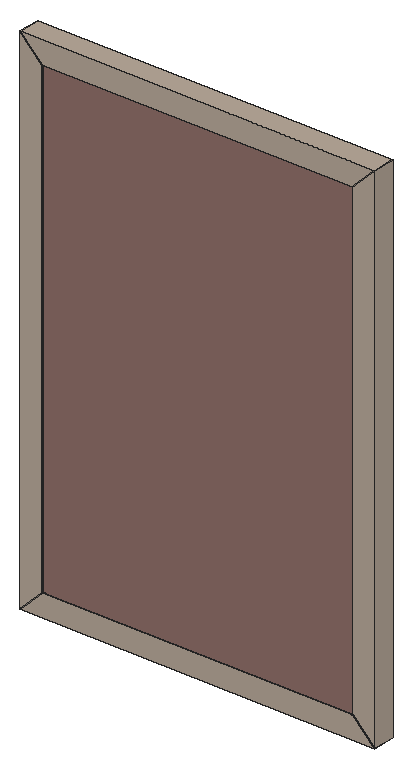
Revit family "Palmshield-Faux-Brick-Panel", category Specialty Equipment, Revit 2025
Family settings
  Round Connector Dimension = Use Diameter
  Part Type = Normal
  OmniClass Number = 23.55.00.00
  OmniClass Title = Manufactured Structures
  Work Plane-Based = No
  Enable Cutting in Views = No
  Always vertical = No
  Cut with Voids When Loaded = No
  Maintain Annotation Orientation = No
  Shared = No
  Room Calculation Point = No
Parameters (values of type "Assembly")
  Width [instance] = if(Desired Overall Width < C Min Width, C Min Width, if(Desired Overall Width > C Max Width, C Max Width, Desired Overall Width))  # 4' - 0"
  Warranty URL = "https://palmshieldlouvers.com/wp-content/uploads/2020/01/PalmSHIELD-Warranty-NO-SIGN-LINE.pdf"
  Version = "2020 - v1.0a"  # constant formula
  URL = "https://palmshieldlouvers.com/"
  Product Page URL = "https://palmshieldlouvers.com/products/brick-infill/"
  Product Documentation Link = "Contact Manufacturer for More Information"
  Offset From Surface = 0' - 2"  # constant formula
  Model = "Faux Brick"  # constant formula
  Frame Finish = Metal - PalmSHIELD - Dusty Grey
  Manufacturer Phone Number = "531-329-4406 "  # constant formula
  Manufacturer Email = "mailto: info@palmshieldlouvers.com"
  Manufacturer Address = "12330 Cary Circle, La Vista, NE 68128"  # constant formula
  Manufacturer = "PalmSHIELD"  # constant formula
  Panel Finish = Metal - PalmSHIELD - Grey Beige
  Keynote = "05 10 00"
  Instruction Sheet Link = "https://palmshieldlouvers.com/wp-content/uploads/2020/01/PalmSHIELD-Post-Panel-Gate-Installation-Instructions-REV-1.pdf"
  ID [instance] = "Not Assigned"
  Height [instance] = if(Desired Overall Height < C Min Height, C Min Height, if(Desired Overall Height > C Max Height, C Max Height, Desired Overall Height))  # 6' - 0"
  Desired Overall Width [instance] = 4' - 0"
  Desired Overall Height [instance] = 6' - 0"
  Desired Bottom Angle [instance] = 0.00°
  Description = "Faux Brick - Panel Assembly"  # constant formula
  Default Elevation = 0' - 0"
  Copyright = "Copyright ©2024 The American Fence Company and PalmSHIELD. All Rights Reserved."  # constant formula
  Component Vis [instance] = yes
  Component Name [instance] = "Faux Brick - Panel Assembly"  # constant formula
  C Min Width [instance] = 4' - 0"  # constant formula
  C Min Height [instance] = C Min Width  # 4' - 0"
  C Max Width [instance] = 5' - 0"  # constant formula
  C Max Height [instance] = 12' - 0"  # constant formula
  C Angle [instance] = if(Desired Bottom Angle > 10.00°, 10.00°, if(Desired Bottom Angle < -10.00°, -10.00°, Desired Bottom Angle))  # 0.00°
  Assembly Code = "F1020100"
Reference planes (in)
  plane 1 "Center (Front/Back)": y = 0
  plane 2: z = 0
  plane 3 "Center (Left/Right)": x = 0
  plane 4: z = 72
  plane 5: x = 48
  plane 6: y = 3
  plane 7: y = 1.5
Lines and regions (in)
  reference lines
    curve 1: line (48, 0, 96.95698) -> (48, 0, -11)
    curve 2: line (-20.8931, 0, 72) -> (71.1069, 0, 72)
Dimensions and locks (in)
  "Desired Overall Height": curve 2 to level
  "Desired Overall Width": curve 1 to plane 3 "Center (Left/Right)"
  "Height": plane 4 to level
  "Width": plane 5 to plane 3 "Center (Left/Right)"
  equal spacing: plane 1 "Center (Front/Back)", plane 7, plane 6
  aligned and locked: plane 2 to level
Automatic sketch dimensions
  curve 2 to plane 3 "Center (Left/Right)" = 1' - 8.8931"
  plane 5 to curve 2 = 1' - 11.1069"
  curve 1 to level = 0' - 11"
  plane 4 to curve 1 = 2' - 0.95698"
Nested families (in)
  nested 1: "Screening-Louver-Assembly-Panel-Palmshield-Faux_Brick" at (0, 0, 0), Desired Overall Height <- "Desired Overall Height", Desired Overall Width <- "Desired Overall Width", ID <- "ID", Height <- "Height", Width <- "Width", Component Vis <- "Component Vis", type "Assembly"
    with Width 4' - 0", Louver Length 3' - 8", ID "Not Assigned", Height 6' - 0", Desired Overall Width 4' - 0", Desired Overall Height 6' - 0", Desired Bottom Angle 0.00°, Component Vis yes, Component Name "Faux Brick - Panel Assembly", C Top Post Length 4' - 0", C Straight Corner Angle 45.00°, C Slope Angle 0.00°, C Side Frame Width 0' - 3", C Side Adjustment 0' - 0", C Rib Thickness Bottom Offset 0' - 0 1/4", C Rib Bottom Side Offset 0' - 0", C Louver Offset 0' - 3", C Louver Count 28, C Hip 4' - 0", C Frame Offset 0' - 2", C Corner Offset 0' - 3", C B-Side Post Length 6' - 0", C B-Side Angle 45.00°, C Angle 90.00°, C A-Side Post Length 6' - 0", C A-Side Angle 45.00°
  nested 2: "Nested_Component-L_Frame-Palmshield-Faux_Brick" at (0, 0, 72) x (0, 1, 0) z (1, 0, 0), type "AL L3" X 3" X 1/4""
    with Material Metal - PalmSHIELD - Grey Beige, Length 5' - 10", ID "Not Assigned", Component Name "Faux Brick - Aluminum - L Frame", B-Side Cut Angle 45.00°, A-Side Cut Angle 45.00°
  nested 3: "Nested_Component-L_Frame-Palmshield-Faux_Brick" at (48, 0, 2) x (0, 1, 0) z (-1, 0, 0), type "AL L3" X 3" X 1/4""
    with Material Metal - PalmSHIELD - Grey Beige, Length 5' - 10", ID "Not Assigned", Component Name "Faux Brick - Aluminum - L Frame", B-Side Cut Angle 45.00°, A-Side Cut Angle 45.00°
  nested 4: "Nested_Component-L_Frame-Palmshield-Faux_Brick" at (48, 0, 72) x (0, 1, 0) z (0, 0, -1), type "AL L3" X 3" X 1/4""
    with Material Metal - PalmSHIELD - Grey Beige, Length 4' - 0", ID "Not Assigned", Component Name "Faux Brick - Aluminum - L Frame", B-Side Cut Angle 45.00°, A-Side Cut Angle 45.00°
  nested 5: "Nested_Component-L_Frame-Palmshield-Faux_Brick" at (0, 0, 2) x (0, 1, 0) z (0, 0, 1), type "AL L3" X 3" X 1/4""
    with Material Metal - PalmSHIELD - Grey Beige, Length 4' - 0", ID "Not Assigned", Component Name "Faux Brick - Aluminum - L Frame", B-Side Cut Angle 45.00°, A-Side Cut Angle 45.00°
  nested 6: "Nested_Component-Aluminum_Sheet-Palmshield-Faux_Brick" at (0.25, 1.125, 2.25), type "1/4" ALUMINUM SHEET"
    with Width 3' - 11 1/2", Surface Finish Metal Finish - Palmshield - Faux Brick - Antique Select - Dark Red with Dark Grout, Material Metal - PalmSHIELD - Grey Beige, ID "", Height 5' - 9 1/2", Component Name "Faux Brick - Aluminum Sheet", C Overall Panel Width 4' - 0", C Overall Panel Height 6' - 0", C Frame Thickness 0' - 0 1/4", C Angle 90.00°
Definition of nested family "Nested_Component-L_Frame-Palmshield-Faux_Brick"
  Parameters (values of type "AL L3" X 3" X 1/4"")
    Width = 0' - 3"  # constant formula
    Warranty URL = "https://palmshieldlouvers.com/wp-content/uploads/2020/01/PalmSHIELD-Warranty-NO-SIGN-LINE.pdf"
    Version = "2020 - v1.0a"  # constant formula
    URL = "https://palmshieldlouvers.com/"
    Thickness = 0' - 0 1/4"  # constant formula
    Product Page URL = "https://palmshieldlouvers.com/products/brick-infill/"
    Product Documentation Link = "Contact Manufacturer for More Information"
    Model = "Faux Brick"  # constant formula
    Material [instance] = none
    Manufacturer Phone Number = "531-329-4406 "  # constant formula
    Manufacturer Fax Number = "Consult Manufacturer Website for More Information"  # constant formula
    Manufacturer Email = "mailto: info@palmshieldlouvers.com"
    Manufacturer Address = "12330 Cary Circle, La Vista, NE 68128"  # constant formula
    Manufacturer = "PalmSHIELD"  # constant formula
    Length [instance] = 4' - 4.86713"
    Keynote = "05 10 00"
    Instruction Sheet Link = "http://palmshieldlouvers.com/wp-content/uploads/2020/01/PalmSHIELD-Post-Panel-Gate-Installation-Instructions-REV-1.pdf"
    ID [instance] = ""
    Description = "Faux Brick - L Frame"  # constant formula
    Default Elevation = 4' - 0"
    Copyright = "Copyright ©2024 The American Fence Company and PalmSHIELD. All Rights Reserved."  # constant formula
    Component Name [instance] = "Faux Brick - Aluminum - L Frame"  # constant formula
    C Hole Offset = 0' - 1 1/2"  # constant formula
    B-Side Cut Angle [instance] = 45.00°
    Assembly Code = "F1020100"
    A-Side Cut Angle [instance] = 45.00°
  Reference planes (in)
    plane 1 "Center (Front/Back)": y = 0
    plane 2: z = 0
    plane 3 "Center (Left/Right)": x = 0
    plane 4: x = 3
    plane 5: y = -52.86713
    plane 6: z = 3
  Forms (in)
    Extrusion 1, solid
      sketch origin (0, 0, 0) x (1, 0, 0) y (0, 1, 0)
        loop
          line (-48, 48) -> (-48, -48) -> (48, -48) -> (48, 48) -> (-48, 48)
      from 0 to -12
    Sweep 2, solid, material <- "Material"
      path origin (0, 0, 0) x (0, 1, 0) y (0, 0, 1)
        loop
          line (0, 0) -> (-52.86713, 0)
      profile "Profile-Palmshield-L : AL L3" X 3" X 1/4" - 6061-T6" origin (0, -26.43357, 0) x (0, 0, -1) y (1, 0, 0)
        loop
          line (-0.3125, 0.25) -> (-2.875, 0.25)
          arc (-2.875, 0.25) -> (-2.96339, 0.21339) -> (-3, 0.125) r 0.125
          line (-3, 0.125) -> (-3, 0) -> (0, 0) -> (0, 3) -> (-0.125, 3)
          arc (-0.125, 3) -> (-0.21339, 2.96339) -> (-0.25, 2.875) r 0.125
          line (-0.25, 2.875) -> (-0.25, 0.3125)
          arc (-0.25, 0.3125) -> (-0.26831, 0.26831) -> (-0.3125, 0.25) r 0.0625
    Extrusion 3, void
      sketch origin (0, 0, 0) x (0, 1, 0) y (0, 0, 1)
        loop
          line (-3, 3) -> (0, 0) -> (4.7449, 0) -> (4.7449, 3) -> (-3, 3)
        loop
          line (-57.61203, 3) -> (-57.61203, 0) -> (-52.86713, 0) -> (-49.86713, 3) -> (-57.61203, 3)
      from 0 to 3
  Cuts and joins
    Extrusion 3 cuts Sweep 2
  Dimensions and locks (in)
    "Width": plane 3 "Center (Left/Right)" to plane 4
    "Length": plane 1 "Center (Front/Back)" to plane 5
    "Width": plane 6 to plane 2
    locked: Extrusion 3 sketch curve to plane 1 "Center (Front/Back)" at 4.7449
    locked: plane 5 to Extrusion 3 sketch curve at 4.7449
    "B-Side Cut Angle": angle Extrusion 3 sketch curve to plane 1 "Center (Front/Back)"
    "A-Side Cut Angle": angle plane 5 to Extrusion 3 sketch curve
    aligned and locked: plane 2 to Extrusion 1
    aligned and locked: level to Extrusion 1
    aligned and locked: plane 1 "Center (Front/Back)" to Sweep 2 sketch curve
    aligned and locked: plane 5 to Sweep 2 sketch curve
    aligned and locked: Extrusion 3 sketch curve to plane 6
    aligned and locked: level to Extrusion 3 sketch curve
    aligned and locked: plane 6 to Extrusion 3 sketch curve
    aligned and locked: Extrusion 3 sketch curve to plane 2
    aligned and locked: plane 1 "Center (Front/Back)" to Extrusion 3 sketch curve
    aligned and locked: plane 2 to Extrusion 3 sketch curve
    aligned and locked: plane 5 to Extrusion 3 sketch curve
    aligned and locked: Extrusion 3 to plane 3 "Center (Left/Right)"
    aligned and locked: Extrusion 3 to plane 4
  Automatic sketch dimensions
    Extrusion 1 sketch curve to Extrusion 1 sketch curve = 8' - 0"  (x2)
    Sweep 2 sketch curve to level = 0' - 0"
Definition of nested family "Nested_Component-Aluminum_Sheet-Palmshield-Faux_Brick"
  Parameters (values of type "1/4" ALUMINUM SHEET")
    Width [instance] = C Overall Panel Width - 2 * C Frame Thickness  # 3' - 11 1/2"
    Warranty URL = "https://palmshieldlouvers.com/wp-content/uploads/2020/01/PalmSHIELD-Warranty-NO-SIGN-LINE.pdf"
    Version = "2020 - v1.0a"  # constant formula
    URL = "https://palmshieldlouvers.com/"
    Thickness = 0' - 0 1/4"  # constant formula
    Surface Finish [instance] = none
    Product Page URL = "https://palmshieldlouvers.com/products/brick-infill/"
    Product Documentation Link = "Contact Manufacturer for More Information"
    Model = "Faux Brick"  # constant formula
    Material [instance] = none
    Manufacturer Phone Number = "531-329-4406 "  # constant formula
    Manufacturer Fax Number = "Consult Manufacturer Website for More Information"  # constant formula
    Manufacturer Email = "mailto: info@palmshieldlouvers.com"
    Manufacturer Address = "12330 Cary Circle, La Vista, NE 68128"  # constant formula
    Manufacturer = "PalmSHIELD"  # constant formula
    Keynote = "05 10 00"
    Instruction Sheet Link = "https://palmshieldlouvers.com/wp-content/uploads/2020/01/PalmSHIELD-Post-Panel-Gate-Installation-Instructions-REV-1.pdf"
    ID [instance] = ""
    Height [instance] = C Overall Panel Height - 2 * C Frame Thickness - 0' 2"  # 5' - 9 1/2"
    Description = "Faux Brick - Aluminum Sheet"  # constant formula
    Default Elevation = 4' - 0"
    Copyright = "Copyright ©2024 The American Fence Company and PalmSHIELD. All Rights Reserved."  # constant formula
    Component Name [instance] = "Faux Brick - Aluminum Sheet"  # constant formula
    C Overall Panel Width [instance] = 4' - 0"
    C Overall Panel Height [instance] = 6' - 0"
    C Frame Thickness [instance] = 0' - 0 1/4"
    C Angle [instance] = 90.00°
    Assembly Code = "F1020100"
  Reference planes (in)
    plane 1 "Center (Front/Back)": y = 0
    plane 2: z = 0
    plane 3 "Center (Left/Right)": x = 0
    plane 4: x = 47.5
    plane 5: z = 69.5
    plane 6: y = -0.25
  Forms (in)
    Extrusion 1, solid
      sketch origin (0, 0, 0) x (1, 0, 0) y (0, 1, 0)
        loop
          line (-48, 48) -> (-48, -48) -> (48, -48) -> (48, 48) -> (-48, 48)
      from 0 to -12
    Extrusion 2, solid, material <- "Material"
      sketch origin (0, 0, 0) x (1, 0, 0) y (0, 0, 1)
        loop
          line (0, 69.5) -> (0, 0) -> (47.5, 0) -> (47.5, 69.5) -> (0, 69.5)
      from 0 to 0.25
  Lines and regions (in)
    reference lines
      curve 1: line (0, 0, 0) -> (88, 0, 0)
  Dimensions and locks (in)
    "Thickness": plane 6 to plane 1 "Center (Front/Back)"
    "Height": plane 5 to plane 2
    "Width": plane 4 to plane 3 "Center (Left/Right)"
    "C Angle": angle curve 1 to plane 3 "Center (Left/Right)"
    aligned and locked: plane 2 to Extrusion 1
    aligned and locked: level to Extrusion 1
    aligned and locked: plane 3 "Center (Left/Right)" to curve 1
    aligned and locked: plane 2 to curve 1
    aligned and locked: Extrusion 2 sketch curve to plane 5
    aligned and locked: Extrusion 2 sketch curve to plane 3 "Center (Left/Right)"
    aligned and locked: Extrusion 2 sketch curve to curve 1
    aligned and locked: Extrusion 2 sketch curve to plane 4
    aligned and locked: Extrusion 2 to plane 6
    aligned and locked: Extrusion 2 to plane 1 "Center (Front/Back)"
  Automatic sketch dimensions
    Extrusion 1 sketch curve to Extrusion 1 sketch curve = 8' - 0"  (x2)
Definition of nested family "Screening-Louver-Assembly-Panel-Palmshield-Faux_Brick"
  Parameters (values of type "Default")
    Width [instance] = if(Desired Overall Width < 4' 0", 4' 0", if(Desired Overall Width > 5' 0", 5' 0", Desired Overall Width))  # 4' - 0"
    Warranty URL = "https://palmshieldlouvers.com/wp-content/uploads/2020/01/PalmSHIELD-Warranty-NO-SIGN-LINE.pdf"
    Version = "2020 - v1.0a"  # constant formula
    URL = "https://palmshieldlouvers.com/"
    Panel Surface Finish = none
    Offset From Surface = 0' - 2"  # constant formula
    Material Note = "For More Panel Finish Options, Please Contact the Manufacturer"  # constant formula
    Material = none
    Louver Separation = 0' - 2 3/8"  # constant formula
    Product Page URL = "https://palmshieldlouvers.com/products/brick-infill/"
    Product Documentation Link = "Contact Manufacturer for More Information"
    Model = "Faux Brick"  # constant formula
    Manufacturer Phone Number = "531-329-4406 "  # constant formula
    Manufacturer Fax Number = "Consult Manufacturer Website for More Information"  # constant formula
    Manufacturer Email = "mailto: info@palmshieldlouvers.com"
    Manufacturer Address = "12330 Cary Circle, La Vista, NE 68128"  # constant formula
    Manufacturer = "PalmSHIELD"  # constant formula
    Louver Length [instance] = Width - 2 * C Side Frame Width + 0' 2"  # 3' - 8"
    Keynote = "05 10 00"
    Instruction Sheet Link = "http://palmshieldlouvers.com/wp-content/uploads/2020/01/PalmSHIELD-Post-Panel-Gate-Installation-Instructions-REV-1.pdf"
    ID [instance] = "Not Assgined"
    Height [instance] = if(Desired Overall Height < 3' 0", 3' 0", if(Desired Overall Height > 12' 0", 12' 0", Desired Overall Height))  # 6' - 0"
    Frame Width = 0' - 3"  # constant formula
    Frame Thickness = 0' - 0 1/4"  # constant formula
    Desired Overall Width [instance] = 4' - 0"
    Desired Overall Height [instance] = 6' - 0"
    Description = "Faux Brick - Panel Assembly"  # constant formula
    Default Elevation = 4' - 0"
    Copyright = "Copyright ©2024 The American Fence Company and PalmSHIELD. All Rights Reserved."  # constant formula
    Component Vis [instance] = yes
    Component Name [instance] = "Faux Brick - Panel Assembly"  # constant formula
    C Top Post Length [instance] = Width  # 4' - 0"
    C Straight Corner Angle [instance] = 45.00°  # constant formula
    C Slope Angle [instance] = if(Desired Bottom Angle < -25.00°, 25.00°, if(Desired Bottom Angle > 25.00°, 25.00°, Desired Bottom Angle))  # 0.00°
    C Side Frame Width [instance] = 0' - 3"  # constant formula
    C Rib Thickness Bottom Offset [instance] = Frame Thickness * cos(C Slope Angle)  # 0' - 0 1/4"
    C Rib Bottom Side Offset [instance] = if(C Slope Angle < 0.00°, -Frame Thickness * sin(C Slope Angle), Frame Thickness * sin(C Slope Angle))  # 0' - 0"
    C Louver Overlap = 0' - 0 5/8"  # constant formula
    C Louver Offset [instance] = if(C Side Adjustment < 0' 0", -C Side Adjustment + (Frame Width / sin([C A-Side Angle])) * cos([C A-Side Angle]), Frame Width)  # 0' - 3"
    C Louver Count [instance] = if(C Slope Angle < 0.00°, (Height - 2 * Frame Width + C Louver Overlap * 2) / Louver Separation, (Height - 2 * Frame Width + C Louver Overlap * 2 - C Hip * sin(C Slope Angle)) / Louver Separation)  # 28
    C Hip [instance] = Width / cos(C Slope Angle)  # 4' - 0"
    C Side Adjustment [instance] = -C Hip * sin(C Slope Angle)  # 0' - 0"
    C Frame Offset [instance] = C Side Frame Width - 0' 1"  # 0' - 2"
    C Corner Offset [instance] = if(C Slope Angle > 0.00°, Frame Width / sin([C A-Side Angle]) * cos([C A-Side Angle]), if(C Slope Angle < 0.00°, Frame Width / sin([C A-Side Angle]) * cos([C A-Side Angle]), 0' 3"))  # 0' - 3"
    C B-Side Post Length [instance] = Height + C Side Adjustment  # 6' - 0"
    C B-Side Angle [instance] = (90.00° - C Slope Angle) / 2  # 45.00°
    C Angle [instance] = if(C Slope Angle < -25.00°, 90.00° - 25.00°, if(C Slope Angle > 25.00°, 90.00° + 25.00°, 90.00° - C Slope Angle))  # 90.00°
    Desired Bottom Angle [instance] = 0.00°
    C A-Side Post Length [instance] = Height  # 6' - 0"
    C A-Side Angle [instance] = (90.00° + C Slope Angle) / 2  # 45.00°
    Assembly Code = "F1020100"
  Reference planes (in)
    plane 1 "Center (Front/Back)": y = 0
    plane 2: z = 0
    plane 3 "Side A": x = 0
    plane 4 "Top": z = 72
    plane 5 "Side B": x = 48
    plane 6: z = 2
    plane 7: z = 5
    plane 8: x = 0.25
    plane 9: x = 47.75
    plane 10: z = 69
    plane 11: z = 69.625
    plane 12: y = 0.25
    plane 13: z = 4.375
    plane 14: x = 16
    plane 15: x = 32
    plane 16: y = 1.125
    plane 17: z = 71.75
    plane 18: z = 2
    plane 19: z = 2.25
    plane 20: x = 0
    plane 21: x = 14
    plane 22: x = 30
    plane 23: x = 2
    plane 24: y = 3
    plane 25: y = 1.5
    plane 26: x = 24
  Forms (in)
    Extrusion 1, solid
      sketch origin (0, 0, 0) x (1, 0, 0) y (0, 1, 0)
        loop
          line (-48, 48) -> (-48, -48) -> (48, -48) -> (48, 48) -> (-48, 48)
      from 0 to -12
  Lines and regions (in)
    reference lines
      curve 1: line (0, 0, 2) -> (84, 0, 2)
      curve 2: line (0, 0, 2.25) -> (81.25, 0, 2.25)
      curve 3: line (14, 0, 2.25) -> (24.75, 0, 2.25)
      curve 4: line (30, 0, 2.25) -> (40, 0, 2.25)
      curve 5: line (-32.11796, 0, 72) -> (83.18293, 0, 72)
      curve 6: line (48, 0, 95.69519) -> (48, 0, -11.24289)
  Dimensions and locks (in)
    "Width": plane 5 "Side B" to plane 3 "Side A"
    "Offset From Surface": plane 6 to Extrusion 1
    "C Louver Offset": plane 7 to plane 6
    "Frame Thickness": plane 8 to plane 3 "Side A"
    "Frame Thickness": plane 5 "Side B" to plane 9
    "Frame Width": plane 4 "Top" to plane 10
    "C Louver Overlap": plane 11 to plane 10
    "Frame Thickness": plane 12 to plane 1 "Center (Front/Back)"
    "C Louver Overlap": plane 7 to plane 13
    equal spacing: plane 3 "Side A", plane 14, plane 15, plane 5 "Side B"
    "Frame Thickness": plane 4 "Top" to plane 17
    "C Corner Offset": plane 7 to plane 18
    "C Rib Thickness Bottom Offset": plane 19 to plane 6
    "C Rib Bottom Side Offset": plane 3 "Side A" to plane 20
    locked: plane 14 to plane 21 at 2
    locked: plane 15 to plane 22 at 2
    "Desired Overall Width": curve 6 to plane 3 "Side A"
    "C Frame Offset": plane 23 to plane 3 "Side A"
    "Frame Width": plane 1 "Center (Front/Back)" to plane 24
    equal spacing: plane 1 "Center (Front/Back)", plane 25, plane 24
    equal spacing: plane 5 "Side B", plane 26, plane 3 "Side A"
    "Height": plane 4 "Top" to level
    "Desired Overall Height": curve 5 to plane 2
    "C Angle": angle curve 1 to plane 3 "Side A"
    "C Angle": angle curve 2 to plane 20
    locked: curve 3 to plane 21 (angle 90.00°)
    locked: curve 4 to plane 22 (angle 90.00°)
    aligned and locked: plane 2 to Extrusion 1
    aligned and locked: level to Extrusion 1
    aligned and locked: plane 6 to curve 1
    aligned and locked: plane 3 "Side A" to curve 1
    aligned and locked: nested 1 to plane 1 "Center (Front/Back)"
    aligned and locked: nested 1 to plane 5 "Side B"
    aligned and locked: nested 1 to plane 3 "Side A"
    aligned and locked: nested 2 to plane 4 "Top"
    aligned and locked: nested 2 to plane 6
    aligned and locked: nested 2 to plane 1 "Center (Front/Back)"
    aligned and locked: nested 3 to plane 1 "Center (Front/Back)"
    aligned and locked: nested 4 to plane 1 "Center (Front/Back)"
    aligned and locked: plane 20 to curve 2
    aligned and locked: plane 19 to curve 2
    aligned and locked: plane 21 to curve 3
    aligned and locked: plane 22 to curve 4
    aligned and locked: plane 8 to nested 5
    aligned and locked: plane 16 to nested 5
    aligned and locked: plane 18 to nested 3
    aligned and locked: plane 4 "Top" to nested 3
  Automatic sketch dimensions
    Extrusion 1 sketch curve to Extrusion 1 sketch curve = 8' - 0"  (x2)
    curve 5 to plane 3 "Side A" = 2' - 8.11796"
    plane 5 "Side B" to curve 5 = 2' - 11.18293"
    curve 6 to level = 0' - 11.24289"
    plane 4 "Top" to curve 6 = 1' - 11.69519"
  Nested families (in)
    nested 1: "Nested_Component-L_Frame-Palmshield-Faux_Brick" at (48, 0, 72) x (0, 1, 0) z (0, 0, -1), ID <- "ID", Material <- "Material", A-Side Cut Angle <- "C Straight Corner Angle", B-Side Cut Angle <- "C Straight Corner Angle", visible <- "Component Vis", type "AL L3" X 3" X 1/4""
      with Material none, Length 4' - 0", ID "Not Assgined", Component Name "Faux Brick - Aluminum - L Frame", B-Side Cut Angle 45.00°, A-Side Cut Angle 45.00°
    nested 2: "Nested_Component-L_Frame-Palmshield-Faux_Brick" at (0, 0, 72) x (0, 1, 0) z (1, 0, 0), ID <- "ID", Material <- "Material", B-Side Cut Angle <- "C Straight Corner Angle", A-Side Cut Angle <- "C A-Side Angle", visible <- "Component Vis", type "AL L3" X 3" X 1/4""
      with Material none, Length 5' - 10", ID "Not Assgined", Component Name "Faux Brick - Aluminum - L Frame", B-Side Cut Angle 45.00°, A-Side Cut Angle 45.00°
    nested 3: "Nested_Component-L_Frame-Palmshield-Faux_Brick" at (48, 0, 2) x (0, 1, 0) z (-1, 0, 0), ID <- "ID", Material <- "Material", B-Side Cut Angle <- "C B-Side Angle", A-Side Cut Angle <- "C Straight Corner Angle", visible <- "Component Vis", type "AL L3" X 3" X 1/4""
      with Material none, Length 5' - 10", ID "Not Assgined", Component Name "Faux Brick - Aluminum - L Frame", B-Side Cut Angle 45.00°, A-Side Cut Angle 45.00°
    nested 4: "Nested_Component-L_Frame-Palmshield-Faux_Brick" at (0, 0, 2) x (0, 1, 0) z (0, 0, 1), Length <- "C Hip", ID <- "ID", Material <- "Material", A-Side Cut Angle <- "C B-Side Angle", B-Side Cut Angle <- "C A-Side Angle", visible <- "Component Vis", type "AL L3" X 3" X 1/4""
      with Material none, Length 4' - 0", ID "Not Assgined", Component Name "Faux Brick - Aluminum - L Frame", B-Side Cut Angle 45.00°, A-Side Cut Angle 45.00°
    nested 5: "Nested_Component-Aluminum_Sheet-Palmshield-Faux_Brick" at (0.25, 1.125, 2.25), Material <- "Material", Surface Finish <- "Panel Surface Finish", C Angle <- "C Angle", C Frame Thickness <- "Frame Thickness", C Overall Panel Height <- "Height", C Overall Panel Width <- "Width", visible <- "Component Vis", type "1/4" ALUMINUM SHEET"
      with Width 3' - 11 1/2", Surface Finish none, Material none, ID "", Height 5' - 9 1/2", Component Name "Faux Brick - Aluminum Sheet", C Overall Panel Width 4' - 0", C Overall Panel Height 6' - 0", C Frame Thickness 0' - 0 1/4", C Angle 90.00°
  Definition of nested family "Nested_Component-L_Frame-Palmshield-Faux_Brick"
    Parameters (values of type "AL L3" X 3" X 1/4"")
      Width = 0' - 3"  # constant formula
      Warranty URL = "https://palmshieldlouvers.com/wp-content/uploads/2020/01/PalmSHIELD-Warranty-NO-SIGN-LINE.pdf"
      Version = "2020 - v1.0a"  # constant formula
      URL = "https://palmshieldlouvers.com/"
      Thickness = 0' - 0 1/4"  # constant formula
      Product Page URL = "https://palmshieldlouvers.com/products/brick-infill/"
      Product Documentation Link = "Contact Manufacturer for More Information"
      Model = "Faux Brick"  # constant formula
      Material [instance] = none
      Manufacturer Phone Number = "531-329-4406 "  # constant formula
      Manufacturer Fax Number = "Consult Manufacturer Website for More Information"  # constant formula
      Manufacturer Email = "mailto: info@palmshieldlouvers.com"
      Manufacturer Address = "12330 Cary Circle, La Vista, NE 68128"  # constant formula
      Manufacturer = "PalmSHIELD"  # constant formula
      Length [instance] = 4' - 4.86713"
      Keynote = "05 10 00"
      Instruction Sheet Link = "http://palmshieldlouvers.com/wp-content/uploads/2020/01/PalmSHIELD-Post-Panel-Gate-Installation-Instructions-REV-1.pdf"
      ID [instance] = ""
      Description = "Faux Brick - L Frame"  # constant formula
      Default Elevation = 4' - 0"
      Copyright = "Copyright ©2024 The American Fence Company and PalmSHIELD. All Rights Reserved."  # constant formula
      Component Name [instance] = "Faux Brick - Aluminum - L Frame"  # constant formula
      C Hole Offset = 0' - 1 1/2"  # constant formula
      B-Side Cut Angle [instance] = 45.00°
      Assembly Code = "F1020100"
      A-Side Cut Angle [instance] = 45.00°
    Reference planes (in)
      plane 1 "Center (Front/Back)": y = 0
      plane 2: z = 0
      plane 3 "Center (Left/Right)": x = 0
      plane 4: x = 3
      plane 5: y = -52.86713
      plane 6: z = 3
    Forms (in)
      Extrusion 1, solid
        sketch origin (0, 0, 0) x (1, 0, 0) y (0, 1, 0)
          loop
            line (-48, 48) -> (-48, -48) -> (48, -48) -> (48, 48) -> (-48, 48)
        from 0 to -12
      Sweep 2, solid, material <- "Material"
        path origin (0, 0, 0) x (0, 1, 0) y (0, 0, 1)
          loop
            line (0, 0) -> (-52.86713, 0)
        profile "Profile-Palmshield-L : AL L3" X 3" X 1/4" - 6061-T6" origin (0, -26.43357, 0) x (0, 0, -1) y (1, 0, 0)
          loop
            line (-0.3125, 0.25) -> (-2.875, 0.25)
            arc (-2.875, 0.25) -> (-2.96339, 0.21339) -> (-3, 0.125) r 0.125
            line (-3, 0.125) -> (-3, 0) -> (0, 0) -> (0, 3) -> (-0.125, 3)
            arc (-0.125, 3) -> (-0.21339, 2.96339) -> (-0.25, 2.875) r 0.125
            line (-0.25, 2.875) -> (-0.25, 0.3125)
            arc (-0.25, 0.3125) -> (-0.26831, 0.26831) -> (-0.3125, 0.25) r 0.0625
      Extrusion 3, void
        sketch origin (0, 0, 0) x (0, 1, 0) y (0, 0, 1)
          loop
            line (-3, 3) -> (0, 0) -> (4.7449, 0) -> (4.7449, 3) -> (-3, 3)
          loop
            line (-57.61203, 3) -> (-57.61203, 0) -> (-52.86713, 0) -> (-49.86713, 3) -> (-57.61203, 3)
        from 0 to 3
    Cuts and joins
      Extrusion 3 cuts Sweep 2
    Dimensions and locks (in)
      "Width": plane 3 "Center (Left/Right)" to plane 4
      "Length": plane 1 "Center (Front/Back)" to plane 5
      "Width": plane 6 to plane 2
      locked: Extrusion 3 sketch curve to plane 1 "Center (Front/Back)" at 4.7449
      locked: plane 5 to Extrusion 3 sketch curve at 4.7449
      "B-Side Cut Angle": angle Extrusion 3 sketch curve to plane 1 "Center (Front/Back)"
      "A-Side Cut Angle": angle plane 5 to Extrusion 3 sketch curve
      aligned and locked: plane 2 to Extrusion 1
      aligned and locked: level to Extrusion 1
      aligned and locked: plane 1 "Center (Front/Back)" to Sweep 2 sketch curve
      aligned and locked: plane 5 to Sweep 2 sketch curve
      aligned and locked: Extrusion 3 sketch curve to plane 6
      aligned and locked: level to Extrusion 3 sketch curve
      aligned and locked: plane 6 to Extrusion 3 sketch curve
      aligned and locked: Extrusion 3 sketch curve to plane 2
      aligned and locked: plane 1 "Center (Front/Back)" to Extrusion 3 sketch curve
      aligned and locked: plane 2 to Extrusion 3 sketch curve
      aligned and locked: plane 5 to Extrusion 3 sketch curve
      aligned and locked: Extrusion 3 to plane 3 "Center (Left/Right)"
      aligned and locked: Extrusion 3 to plane 4
    Automatic sketch dimensions
      Extrusion 1 sketch curve to Extrusion 1 sketch curve = 8' - 0"  (x2)
      Sweep 2 sketch curve to level = 0' - 0"
  Definition of nested family "Nested_Component-Aluminum_Sheet-Palmshield-Faux_Brick"
    Parameters (values of type "1/4" ALUMINUM SHEET")
      Width [instance] = C Overall Panel Width - 2 * C Frame Thickness  # 3' - 11 1/2"
      Warranty URL = "https://palmshieldlouvers.com/wp-content/uploads/2020/01/PalmSHIELD-Warranty-NO-SIGN-LINE.pdf"
      Version = "2020 - v1.0a"  # constant formula
      URL = "https://palmshieldlouvers.com/"
      Thickness = 0' - 0 1/4"  # constant formula
      Surface Finish [instance] = none
      Product Page URL = "https://palmshieldlouvers.com/products/brick-infill/"
      Product Documentation Link = "Contact Manufacturer for More Information"
      Model = "Faux Brick"  # constant formula
      Material [instance] = none
      Manufacturer Phone Number = "531-329-4406 "  # constant formula
      Manufacturer Fax Number = "Consult Manufacturer Website for More Information"  # constant formula
      Manufacturer Email = "mailto: info@palmshieldlouvers.com"
      Manufacturer Address = "12330 Cary Circle, La Vista, NE 68128"  # constant formula
      Manufacturer = "PalmSHIELD"  # constant formula
      Keynote = "05 10 00"
      Instruction Sheet Link = "https://palmshieldlouvers.com/wp-content/uploads/2020/01/PalmSHIELD-Post-Panel-Gate-Installation-Instructions-REV-1.pdf"
      ID [instance] = ""
      Height [instance] = C Overall Panel Height - 2 * C Frame Thickness - 0' 2"  # 5' - 9 1/2"
      Description = "Faux Brick - Aluminum Sheet"  # constant formula
      Default Elevation = 4' - 0"
      Copyright = "Copyright ©2024 The American Fence Company and PalmSHIELD. All Rights Reserved."  # constant formula
      Component Name [instance] = "Faux Brick - Aluminum Sheet"  # constant formula
      C Overall Panel Width [instance] = 4' - 0"
      C Overall Panel Height [instance] = 6' - 0"
      C Frame Thickness [instance] = 0' - 0 1/4"
      C Angle [instance] = 90.00°
      Assembly Code = "F1020100"
    Reference planes (in)
      plane 1 "Center (Front/Back)": y = 0
      plane 2: z = 0
      plane 3 "Center (Left/Right)": x = 0
      plane 4: x = 47.5
      plane 5: z = 69.5
      plane 6: y = -0.25
    Forms (in)
      Extrusion 1, solid
        sketch origin (0, 0, 0) x (1, 0, 0) y (0, 1, 0)
          loop
            line (-48, 48) -> (-48, -48) -> (48, -48) -> (48, 48) -> (-48, 48)
        from 0 to -12
      Extrusion 2, solid, material <- "Material"
        sketch origin (0, 0, 0) x (1, 0, 0) y (0, 0, 1)
          loop
            line (0, 69.5) -> (0, 0) -> (47.5, 0) -> (47.5, 69.5) -> (0, 69.5)
        from 0 to 0.25
    Lines and regions (in)
      reference lines
        curve 1: line (0, 0, 0) -> (88, 0, 0)
    Dimensions and locks (in)
      "Thickness": plane 6 to plane 1 "Center (Front/Back)"
      "Height": plane 5 to plane 2
      "Width": plane 4 to plane 3 "Center (Left/Right)"
      "C Angle": angle curve 1 to plane 3 "Center (Left/Right)"
      aligned and locked: plane 2 to Extrusion 1
      aligned and locked: level to Extrusion 1
      aligned and locked: plane 3 "Center (Left/Right)" to curve 1
      aligned and locked: plane 2 to curve 1
      aligned and locked: Extrusion 2 sketch curve to plane 5
      aligned and locked: Extrusion 2 sketch curve to plane 3 "Center (Left/Right)"
      aligned and locked: Extrusion 2 sketch curve to curve 1
      aligned and locked: Extrusion 2 sketch curve to plane 4
      aligned and locked: Extrusion 2 to plane 6
      aligned and locked: Extrusion 2 to plane 1 "Center (Front/Back)"
    Automatic sketch dimensions
      Extrusion 1 sketch curve to Extrusion 1 sketch curve = 8' - 0"  (x2)
